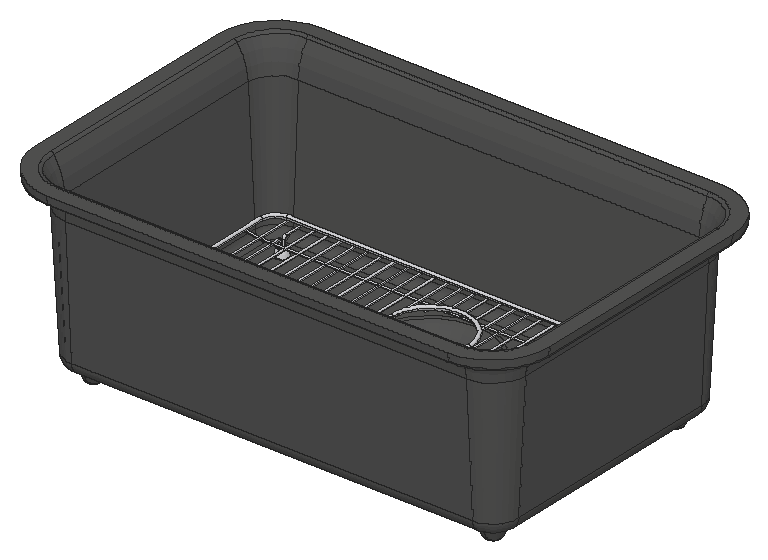
Revit family "Sink-Kitchen-KOHLER-Cairn-K-28000", category Plumbing Fixtures, host Face, Revit 2015 (continued)
Definition of nested family "K-28000"
  Lines and regions (in)
    symbolic lines, detail levels medium+fine
      curve 224: line (-2.19774, -2.07442, 0) -> (-2.80727, -2.07442, 0)
      curve 225: line (-2.19774, -2.17598, 0) -> (-2.80727, -2.17598, 0)
      curve 226: line (-1.48274, -2.07442, 0) -> (-2.09227, -2.07442, 0)
      curve 227: line (-1.48274, -2.17598, 0) -> (-2.09227, -2.17598, 0)
      curve 228: line (-0.69423, -2.07442, 0) -> (-1.37727, -2.07442, 0)
      curve 229: line (1.37727, -2.17598, 0) -> (0.22423, -2.17598, 0)
      curve 230: line (10.77774, -7.69649, 0) -> (11.4526, -7.69649, 0)
      curve 231: line (10.77774, -7.79805, 0) -> (11.4526, -7.79805, 0)
      curve 232: line (10.06273, -7.69649, 0) -> (10.67227, -7.69649, 0)
      curve 233: line (10.06273, -7.79805, 0) -> (10.67227, -7.79805, 0)
      curve 234: line (9.34774, -7.69649, 0) -> (9.95727, -7.69649, 0)
      curve 235: line (9.34774, -7.79805, 0) -> (9.95727, -7.79805, 0)
      curve 236: line (8.63274, -7.69649, 0) -> (9.24227, -7.69649, 0)
      curve 237: line (8.63274, -7.79805, 0) -> (9.24227, -7.79805, 0)
      curve 238: line (7.91774, -7.69649, 0) -> (8.52727, -7.69649, 0)
      curve 239: line (7.91774, -7.79805, 0) -> (8.52727, -7.79805, 0)
      curve 240: line (7.20274, -7.69649, 0) -> (7.81227, -7.69649, 0)
      curve 241: line (7.20274, -7.79805, 0) -> (7.81227, -7.79805, 0)
      curve 242: line (6.48774, -7.69649, 0) -> (7.09727, -7.69649, 0)
      curve 243: line (6.48774, -7.79805, 0) -> (7.09727, -7.79805, 0)
      curve 244: line (5.77274, -7.69649, 0) -> (6.38227, -7.69649, 0)
      curve 245: line (5.77274, -7.79805, 0) -> (6.38227, -7.79805, 0)
      curve 246: line (5.05774, -7.69649, 0) -> (5.66727, -7.69649, 0)
      curve 247: line (5.05774, -7.79805, 0) -> (5.66727, -7.79805, 0)
      curve 248: line (4.34274, -7.69649, 0) -> (4.95227, -7.69649, 0)
      curve 249: line (4.34274, -7.79805, 0) -> (4.95227, -7.79805, 0)
      curve 250: line (3.62773, -7.69649, 0) -> (4.23727, -7.69649, 0)
      curve 251: line (3.62773, -7.79805, 0) -> (4.23727, -7.79805, 0)
      curve 252: line (2.91274, -7.69649, 0) -> (3.52226, -7.69649, 0)
      curve 253: line (2.91274, -7.79805, 0) -> (3.52226, -7.79805, 0)
      curve 254: line (2.19774, -7.69649, 0) -> (2.80727, -7.69649, 0)
      curve 255: line (2.19774, -7.79805, 0) -> (2.80727, -7.79805, 0)
      curve 256: line (1.48274, -7.69649, 0) -> (2.09227, -7.69649, 0)
      curve 257: line (1.48274, -7.79805, 0) -> (2.09227, -7.79805, 0)
      curve 258: line (0.76774, -7.69649, 0) -> (1.37727, -7.69649, 0)
      curve 259: line (0.76774, -7.79805, 0) -> (1.37727, -7.79805, 0)
      curve 260: line (-0.66227, -7.69649, 0) -> (-0.05273, -7.69649, 0)
      curve 261: line (0.05273, -7.69649, 0) -> (0.66227, -7.69649, 0)
      curve 262: line (-10.77774, -7.69649, 0) -> (-11.4526, -7.69649, 0)
      curve 263: line (-10.77774, -7.79805, 0) -> (-11.4526, -7.79805, 0)
      curve 264: line (-10.06273, -7.69649, 0) -> (-10.67227, -7.69649, 0)
      curve 265: line (-10.06273, -7.79805, 0) -> (-10.67227, -7.79805, 0)
      curve 266: line (-9.34774, -7.69649, 0) -> (-9.95727, -7.69649, 0)
      curve 267: line (-9.34774, -7.79805, 0) -> (-9.95727, -7.79805, 0)
      curve 268: line (-8.63274, -7.69649, 0) -> (-9.24227, -7.69649, 0)
      curve 269: line (-8.63274, -7.79805, 0) -> (-9.24227, -7.79805, 0)
      curve 270: line (-7.91774, -7.69649, 0) -> (-8.52727, -7.69649, 0)
      curve 271: line (-7.91774, -7.79805, 0) -> (-8.52727, -7.79805, 0)
      curve 272: line (-7.20274, -7.69649, 0) -> (-7.81227, -7.69649, 0)
      curve 273: line (-7.20274, -7.79805, 0) -> (-7.81227, -7.79805, 0)
      curve 274: line (-6.48774, -7.69649, 0) -> (-7.09727, -7.69649, 0)
      curve 275: line (-6.48774, -7.79805, 0) -> (-7.09727, -7.79805, 0)
      curve 276: line (-5.77274, -7.69649, 0) -> (-6.38227, -7.69649, 0)
      curve 277: line (-5.77274, -7.79805, 0) -> (-6.38227, -7.79805, 0)
      curve 278: line (-5.05774, -7.69649, 0) -> (-5.66727, -7.69649, 0)
      curve 279: line (-5.05774, -7.79805, 0) -> (-5.66727, -7.79805, 0)
      curve 280: line (-4.34274, -7.69649, 0) -> (-4.95227, -7.69649, 0)
      curve 281: line (-4.34274, -7.79805, 0) -> (-4.95227, -7.79805, 0)
      curve 282: line (-3.62773, -7.69649, 0) -> (-4.23727, -7.69649, 0)
      curve 283: line (-3.62773, -7.79805, 0) -> (-4.23727, -7.79805, 0)
      curve 284: line (-2.91274, -7.69649, 0) -> (-3.52226, -7.69649, 0)
      curve 285: line (-2.91274, -7.79805, 0) -> (-3.52226, -7.79805, 0)
      curve 286: line (-2.19774, -7.69649, 0) -> (-2.80727, -7.69649, 0)
      curve 287: line (-2.19774, -7.79805, 0) -> (-2.80727, -7.79805, 0)
      curve 288: line (-1.48274, -7.69649, 0) -> (-2.09227, -7.69649, 0)
      curve 289: line (-1.48274, -7.79805, 0) -> (-2.09227, -7.79805, 0)
      curve 290: line (-0.76774, -7.69649, 0) -> (-1.37727, -7.69649, 0)
      curve 291: line (0.66227, -7.79805, 0) -> (0.05273, -7.79805, 0)
      curve 292: line (-0.22423, -2.17598, 0) -> (-1.37727, -2.17598, 0)
      curve 293: line (-0.05273, -7.79805, 0) -> (-0.66227, -7.79805, 0)
      curve 294: line (-0.76774, -7.79805, 0) -> (-1.37727, -7.79805, 0)
      curve 295: arc (-0.3779, 1.2269, 0) -> (-0.30611, 1.34116, 0) -> (-0.19185, 1.26937, 0) r 0.09542
      curve 296: arc (-0.19185, 1.26937, 0) -> (-0.26364, 1.1551, 0) -> (-0.3779, 1.2269, 0) r 0.09542
      curve 297: arc (-0.64144, 1.11205, 0) -> (-0.59687, 1.23942, 0) -> (-0.46949, 1.19485, 0) r 0.09542
      curve 298: arc (-0.46949, 1.19485, 0) -> (-0.51406, 1.06748, 0) -> (-0.64144, 1.11205, 0) r 0.09542
      curve 299: circle (-0.7982, 1.00093, 0) r 0.09542 normal (0, 0, -1)
      curve 300: arc (-1.06041, 0.72362, 0) -> (-1.07552, 0.85772, 0) -> (-0.94142, 0.87282, 0) r 0.09542
      curve 301: arc (-0.94142, 0.87282, 0) -> (-0.92631, 0.73873, 0) -> (-1.06041, 0.72362, 0) r 0.09542
      curve 302: arc (-1.19484, 0.46951, 0) -> (-1.23941, 0.59689, 0) -> (-1.11204, 0.64146, 0) r 0.09542
      curve 303: arc (-1.11204, 0.64146, 0) -> (-1.06747, 0.51408, 0) -> (-1.19484, 0.46951, 0) r 0.09542
      curve 304: arc (-1.26936, 0.19187, 0) -> (-1.34116, 0.30613, 0) -> (-1.22689, 0.37792, 0) r 0.09542
      curve 305: arc (-1.22689, 0.37792, 0) -> (-1.1551, 0.26366, 0) -> (-1.26936, 0.19187, 0) r 0.09542
      curve 306: arc (-0.93617, 0.20385, 0) -> (-0.99744, 0.32409, 0) -> (-0.8772, 0.38535, 0) r 0.09542
      curve 307: arc (-0.8772, 0.38535, 0) -> (-0.81594, 0.26511, 0) -> (-0.93617, 0.20385, 0) r 0.09542
      curve 308: circle (-0.77127, 0.56036, 0) r 0.09542 normal (0, 0, -1)
      curve 309: arc (-0.48317, 0.82736, 0) -> (-0.50428, 0.69408, 0) -> (-0.63756, 0.71519, 0) r 0.09542
      curve 310: arc (-0.63756, 0.71519, 0) -> (-0.61645, 0.84847, 0) -> (-0.48317, 0.82736, 0) r 0.09542
      curve 311: arc (-0.20385, 0.93617, 0) -> (-0.26511, 0.81594, 0) -> (-0.38535, 0.8772, 0) r 0.09542
      curve 312: arc (-0.38535, 0.8772, 0) -> (-0.32409, 0.99744, 0) -> (-0.20385, 0.93617, 0) r 0.09542
      curve 313: arc (-0.39505, 0.49341, 0) -> (-0.36013, 0.62376, 0) -> (-0.22978, 0.58883, 0) r 0.09542
      curve 314: arc (-0.22978, 0.58883, 0) -> (-0.26471, 0.45848, 0) -> (-0.39505, 0.49341, 0) r 0.09542
      curve 315: arc (-0.49341, 0.39505, 0) -> (-0.45848, 0.26471, 0) -> (-0.58883, 0.22978, 0) r 0.09542
      curve 316: arc (-0.49341, 0.39505, 0) -> (-0.62376, 0.36013, 0) -> (-0.58883, 0.22978, 0) r 0.09542
      curve 317: arc (-1.28023, 0.09542, 0) -> (-1.37565, 0, 0) -> (-1.28023, -0.09542, 0) r 0.09542
      curve 318: arc (-1.28023, -0.09542, 0) -> (-1.18481, 0, 0) -> (-1.28023, 0.09542, 0) r 0.09542
      curve 319: arc (-0.95335, 0.09542, 0) -> (-1.04877, 0, 0) -> (-0.95335, -0.09542, 0) r 0.09542
      curve 320: arc (-0.95335, -0.09542, 0) -> (-0.85793, 0, 0) -> (-0.95335, 0.09542, 0) r 0.09542
      curve 321: circle (-0.62483, 0, 0) r 0.09542 normal (0, 0, 1)
      curve 322: arc (0.3779, 1.2269, 0) -> (0.30611, 1.34116, 0) -> (0.19185, 1.26937, 0) r 0.09542
      curve 323: arc (0.19185, 1.26937, 0) -> (0.26364, 1.1551, 0) -> (0.3779, 1.2269, 0) r 0.09542
      curve 324: arc (0.64144, 1.11205, 0) -> (0.59687, 1.23942, 0) -> (0.46949, 1.19485, 0) r 0.09542
      curve 325: arc (0.46949, 1.19485, 0) -> (0.51406, 1.06748, 0) -> (0.64144, 1.11205, 0) r 0.09542
      curve 326: circle (0.7982, 1.00093, 0) r 0.09542 normal (0, 0, 1)
      curve 327: arc (1.06041, 0.72362, 0) -> (1.07552, 0.85772, 0) -> (0.94142, 0.87282, 0) r 0.09542
      curve 328: arc (0.94142, 0.87282, 0) -> (0.92631, 0.73873, 0) -> (1.06041, 0.72362, 0) r 0.09542
      curve 329: arc (1.19484, 0.46951, 0) -> (1.23941, 0.59689, 0) -> (1.11204, 0.64146, 0) r 0.09542
      curve 330: arc (1.11204, 0.64146, 0) -> (1.06747, 0.51408, 0) -> (1.19484, 0.46951, 0) r 0.09542
      curve 331: circle (1.24813, 0.2849, 0) r 0.09542 normal (0, 0, 1)
      curve 332: arc (0.93617, 0.20385, 0) -> (0.99744, 0.32409, 0) -> (0.8772, 0.38535, 0) r 0.09542
      curve 333: arc (0.8772, 0.38535, 0) -> (0.81594, 0.26511, 0) -> (0.93617, 0.20385, 0) r 0.09542
      curve 334: circle (0.77127, 0.56036, 0) r 0.09542 normal (0, 0, 1)
      curve 335: arc (0.48317, 0.82736, 0) -> (0.50428, 0.69408, 0) -> (0.63756, 0.71519, 0) r 0.09542
      curve 336: arc (0.63756, 0.71519, 0) -> (0.61645, 0.84847, 0) -> (0.48317, 0.82736, 0) r 0.09542
      curve 337: arc (0.20385, 0.93617, 0) -> (0.26511, 0.81594, 0) -> (0.38535, 0.8772, 0) r 0.09542
      curve 338: arc (0.38535, 0.8772, 0) -> (0.32409, 0.99744, 0) -> (0.20385, 0.93617, 0) r 0.09542
      curve 339: arc (0.39505, 0.49341, 0) -> (0.36013, 0.62376, 0) -> (0.22978, 0.58883, 0) r 0.09542
      curve 340: arc (0.22978, 0.58883, 0) -> (0.26471, 0.45848, 0) -> (0.39505, 0.49341, 0) r 0.09542
      curve 341: arc (0.49341, 0.39505, 0) -> (0.45848, 0.26471, 0) -> (0.58883, 0.22978, 0) r 0.09542
      curve 342: arc (0.49341, 0.39505, 0) -> (0.62376, 0.36013, 0) -> (0.58883, 0.22978, 0) r 0.09542
      curve 343: arc (1.28023, 0.09542, 0) -> (1.37565, 0, 0) -> (1.28023, -0.09542, 0) r 0.09542
      curve 344: arc (1.28023, -0.09542, 0) -> (1.18481, 0, 0) -> (1.28023, 0.09542, 0) r 0.09542
      curve 345: arc (0.95335, 0.09542, 0) -> (1.04877, 0, 0) -> (0.95335, -0.09542, 0) r 0.09542
      curve 346: arc (0.95335, -0.09542, 0) -> (0.85793, 0, 0) -> (0.95335, 0.09542, 0) r 0.09542
      curve 347: circle (0.62483, 0, 0) r 0.09542 normal (0, 0, -1)
      curve 348: arc (-0.3779, -1.2269, 0) -> (-0.30611, -1.34116, 0) -> (-0.19185, -1.26937, 0) r 0.09542
      curve 349: arc (-0.19185, -1.26937, 0) -> (-0.26364, -1.1551, 0) -> (-0.3779, -1.2269, 0) r 0.09542
      curve 350: arc (-0.64144, -1.11205, 0) -> (-0.59687, -1.23942, 0) -> (-0.46949, -1.19485, 0) r 0.09542
      curve 351: arc (-0.46949, -1.19485, 0) -> (-0.51406, -1.06748, 0) -> (-0.64144, -1.11205, 0) r 0.09542
      curve 352: circle (-0.7982, -1.00093, 0) r 0.09542 normal (0, 0, 1)
      curve 353: arc (-1.06041, -0.72362, 0) -> (-1.07552, -0.85772, 0) -> (-0.94142, -0.87282, 0) r 0.09542
      curve 354: arc (-0.94142, -0.87282, 0) -> (-0.92631, -0.73873, 0) -> (-1.06041, -0.72362, 0) r 0.09542
      curve 355: arc (-1.19484, -0.46951, 0) -> (-1.23941, -0.59689, 0) -> (-1.11204, -0.64146, 0) r 0.09542
      curve 356: arc (-1.11204, -0.64146, 0) -> (-1.06747, -0.51408, 0) -> (-1.19484, -0.46951, 0) r 0.09542
      curve 357: arc (-1.26936, -0.19187, 0) -> (-1.34116, -0.30613, 0) -> (-1.22689, -0.37792, 0) r 0.09542
      curve 358: arc (-1.22689, -0.37792, 0) -> (-1.1551, -0.26366, 0) -> (-1.26936, -0.19187, 0) r 0.09542
      curve 359: arc (-0.93617, -0.20385, 0) -> (-0.99744, -0.32409, 0) -> (-0.8772, -0.38535, 0) r 0.09542
      curve 360: arc (-0.8772, -0.38535, 0) -> (-0.81594, -0.26511, 0) -> (-0.93617, -0.20385, 0) r 0.09542
      curve 361: circle (-0.77127, -0.56036, 0) r 0.09542 normal (0, 0, 1)
      curve 362: arc (-0.48317, -0.82736, 0) -> (-0.50428, -0.69408, 0) -> (-0.63756, -0.71519, 0) r 0.09542
      curve 363: arc (-0.63756, -0.71519, 0) -> (-0.61645, -0.84847, 0) -> (-0.48317, -0.82736, 0) r 0.09542
      curve 364: arc (-0.20385, -0.93617, 0) -> (-0.26511, -0.81594, 0) -> (-0.38535, -0.8772, 0) r 0.09542
      curve 365: arc (-0.38535, -0.8772, 0) -> (-0.32409, -0.99744, 0) -> (-0.20385, -0.93617, 0) r 0.09542
      curve 366: arc (-0.39505, -0.49341, 0) -> (-0.36013, -0.62376, 0) -> (-0.22978, -0.58883, 0) r 0.09542
      curve 367: arc (-0.22978, -0.58883, 0) -> (-0.26471, -0.45848, 0) -> (-0.39505, -0.49341, 0) r 0.09542
      curve 368: arc (-0.49341, -0.39505, 0) -> (-0.45848, -0.26471, 0) -> (-0.58883, -0.22978, 0) r 0.09542
      curve 369: arc (-0.49341, -0.39505, 0) -> (-0.62376, -0.36013, 0) -> (-0.58883, -0.22978, 0) r 0.09542
      curve 370: arc (0.3779, -1.2269, 0) -> (0.30611, -1.34116, 0) -> (0.19185, -1.26937, 0) r 0.09542
      curve 371: arc (0.19185, -1.26937, 0) -> (0.26364, -1.1551, 0) -> (0.3779, -1.2269, 0) r 0.09542
      curve 372: arc (0.64144, -1.11205, 0) -> (0.59687, -1.23942, 0) -> (0.46949, -1.19485, 0) r 0.09542
      curve 373: arc (0.46949, -1.19485, 0) -> (0.51406, -1.06748, 0) -> (0.64144, -1.11205, 0) r 0.09542
      curve 374: circle (0.7982, -1.00093, 0) r 0.09542 normal (0, 0, -1)
      curve 375: arc (1.06041, -0.72362, 0) -> (1.07552, -0.85772, 0) -> (0.94142, -0.87282, 0) r 0.09542
      curve 376: arc (0.94142, -0.87282, 0) -> (0.92631, -0.73873, 0) -> (1.06041, -0.72362, 0) r 0.09542
      curve 377: arc (1.19484, -0.46951, 0) -> (1.23941, -0.59689, 0) -> (1.11204, -0.64146, 0) r 0.09542
      curve 378: arc (1.11204, -0.64146, 0) -> (1.06747, -0.51408, 0) -> (1.19484, -0.46951, 0) r 0.09542
      curve 379: arc (0.93617, -0.20385, 0) -> (0.99744, -0.32409, 0) -> (0.8772, -0.38535, 0) r 0.09542
      curve 380: arc (0.8772, -0.38535, 0) -> (0.81594, -0.26511, 0) -> (0.93617, -0.20385, 0) r 0.09542
      curve 381: circle (0.77127, -0.56036, 0) r 0.09542 normal (0, 0, -1)
      curve 382: arc (0.48317, -0.82736, 0) -> (0.50428, -0.69408, 0) -> (0.63756, -0.71519, 0) r 0.09542
      curve 383: arc (0.63756, -0.71519, 0) -> (0.61645, -0.84847, 0) -> (0.48317, -0.82736, 0) r 0.09542
      curve 384: arc (0.20385, -0.93617, 0) -> (0.26511, -0.81594, 0) -> (0.38535, -0.8772, 0) r 0.09542
      curve 385: arc (0.38535, -0.8772, 0) -> (0.32409, -0.99744, 0) -> (0.20385, -0.93617, 0) r 0.09542
      curve 386: arc (0.39505, -0.49341, 0) -> (0.36013, -0.62376, 0) -> (0.22978, -0.58883, 0) r 0.09542
      curve 387: arc (0.22978, -0.58883, 0) -> (0.26471, -0.45848, 0) -> (0.39505, -0.49341, 0) r 0.09542
      curve 388: arc (0.49341, -0.39505, 0) -> (0.45848, -0.26471, 0) -> (0.58883, -0.22978, 0) r 0.09542
      curve 389: arc (0.49341, -0.39505, 0) -> (0.62376, -0.36013, 0) -> (0.58883, -0.22978, 0) r 0.09542
      curve 390: arc (0, 1.18481, 0) -> (-0.09414, 1.29583, 0) -> (0.03078, 1.37055, 0) r 0.09542
      curve 391: arc (0.03078, 1.37055, 0) -> (0.09414, 1.26463, 0) -> (0, 1.18481, 0) r 0.09542
      curve 392: arc (-0.03462, 1.04227, 0) -> (0.0954, 0.95539, 0) -> (-0.03078, 0.86303, 0) r 0.09542
      curve 393: arc (-0.03078, 0.86303, 0) -> (-0.0954, 0.9513, 0) -> (-0.03462, 1.04227, 0) r 0.09542
      curve 394: arc (0, 0.52941, 0) -> (-0.09542, 0.62483, 0) -> (0, 0.72025, 0) r 0.09542
      curve 395: arc (0, 0.72025, 0) -> (0.09542, 0.62483, 0) -> (0, 0.52941, 0) r 0.09542
      curve 396: arc (0.04513, -1.19616, 0) -> (0.04051, -1.19384, 0) -> (0.03577, -1.19177, 0) r 0.09542
      curve 397: arc (0.03577, -1.19177, 0) -> (-0.04051, -1.36663, 0) -> (0.04513, -1.19616, 0) r 0.09542
      curve 398: arc (0.02973, -1.04402, 0) -> (0.09438, -0.93931, 0) -> (0.00205, -0.85795, 0) r 0.09542
      curve 399: arc (0.00205, -0.85795, 0) -> (-0.09438, -0.96738, 0) -> (0.02973, -1.04402, 0) r 0.09542
      curve 400: arc (-0.02327, -0.53229, 0) -> (-0.0947, -0.63656, 0) -> (0, -0.72025, 0) r 0.09542
      curve 401: arc (0, -0.72025, 0) -> (0.0947, -0.61311, 0) -> (-0.02327, -0.53229, 0) r 0.09542
      curve 402: arc (0.01991, 0.31015, 0) -> (-0.30857, 0.03707, 0) -> (-0.05412, -0.30604, 0) r 0.31078
      curve 403: arc (-0.05412, -0.30604, 0) -> (0.30857, -0.03707, 0) -> (0.01991, 0.31015, 0) r 0.31078
      curve 404: arc (-10.06273, 2.96062, 0) -> (-10.34427, 2.63053, 0) -> (-10.06273, 2.30045, 0) r 0.33427
      curve 405: arc (10.06273, 2.96062, 0) -> (10.34427, 2.63053, 0) -> (10.06273, 2.30045, 0) r 0.33427
      curve 406: arc (-10.06273, -8.30249, 0) -> (-10.34427, -8.63257, 0) -> (-10.06273, -8.96265, 0) r 0.33427
      curve 407: arc (10.06273, -8.30249, 0) -> (10.34427, -8.63257, 0) -> (10.06273, -8.96265, 0) r 0.33427
      curve 408: arc (-0.05273, 2.27441, 0) -> (-0.36084, 2.24622, 0) -> (-0.66227, 2.17649, 0) r 2.27502
      curve 409: arc (-0.93496, 2.07402, 0) -> (-1.16359, 1.95494, 0) -> (-1.37727, 1.81076, 0) r 2.27502
      curve 410: arc (-1.48274, 1.72546, 0) -> (-1.83528, 1.34442, 0) -> (-2.09227, 0.89338, 0) r 2.27502
      curve 411: arc (-2.19774, 0.58794, 0) -> (-2.27502, 0, 0) -> (-2.19774, -0.58794, 0) r 2.27502
      curve 412: arc (-2.09227, -0.89338, 0) -> (-1.83528, -1.34442, 0) -> (-1.48274, -1.72546, 0) r 2.27502
      curve 413: arc (-1.37727, -1.81076, 0) -> (-1.16317, -1.95518, 0) -> (-0.93409, -2.07442, 0) r 2.27502
      curve 414: arc (-0.66396, -2.17598, 0) -> (-0.36171, -2.24608, 0) -> (-0.05273, -2.27441, 0) r 2.27502
      curve 415: arc (0.05273, 2.27441, 0) -> (0.36084, 2.24622, 0) -> (0.66227, 2.17649, 0) r 2.27502
      curve 416: arc (0.93496, 2.07402, 0) -> (1.16359, 1.95494, 0) -> (1.37727, 1.81076, 0) r 2.27502
      curve 417: arc (1.48274, 1.72546, 0) -> (1.83528, 1.34442, 0) -> (2.09227, 0.89338, 0) r 2.27502
      curve 418: arc (2.19774, 0.58794, 0) -> (2.27502, 0, 0) -> (2.19774, -0.58794, 0) r 2.27502
      curve 419: arc (2.09227, -0.89338, 0) -> (1.83528, -1.34442, 0) -> (1.48274, -1.72546, 0) r 2.27502
      curve 420: arc (1.37727, -1.81076, 0) -> (1.16317, -1.95518, 0) -> (0.93409, -2.07442, 0) r 2.27502
      curve 421: arc (0.66227, -2.17649, 0) -> (0.36084, -2.24622, 0) -> (0.05273, -2.27441, 0) r 2.27502
      curve 422: line (-13.0265, 0, -0.5) -> (13.0265, 0, -0.5)
      curve 423: arc (-11.46334, 0, -9.49237) -> (-11.41011, 0, -9.49809) -> (-11.35661, 0, -9.5) r 0.75
      curve 424: arc (11.46334, 0, -9.49237) -> (11.41011, 0, -9.49809) -> (11.35661, 0, -9.5) r 0.75
      curve 425: line (-3.57141, 0, -9.5) -> (3.57141, 0, -9.5)
      curve 426: line (-1.683, 0, -10.1875) -> (1.683, 0, -10.1875)
      curve 427: line (-1.683, 0, -10.26796) -> (1.683, 0, -10.26796)
      curve 428: line (0, 5.4015, -0.5) -> (0, -11.464, -0.5)
      curve 429: line (0, -3.57124, -9.5) -> (0, 2.33279, -9.5)
      curve 430: line (0, 1.683, -10.1875) -> (0, -1.683, -10.1875)
      curve 431: line (0, 1.683, -10.26796) -> (0, -1.683, -10.26796)
      curve 432: line (0, 2.58824, -9.94703) -> (0, 2.43872, -9.62637)
      curve 433: arc (0, 2.43872, -9.62637) -> (0, 2.39406, -9.55622) -> (0, 2.33279, -9.5) r 0.31913
      curve 434: arc (0, 3.75202, -9.5) -> (0, 3.8108, -9.49588) -> (0, 3.86909, -9.48729) r 0.77322
      curve 435: arc (0, -9.87672, -9.49544) -> (0, -9.84325, -9.49843) -> (0, -9.80968, -9.5) r 0.79259
      curve 436: line (10.73047, 5.3125, 0) -> (-10.72895, 5.3125, 0)
      curve 437: arc (-10.72895, 5.3125, 0) -> (-12.29063, 4.66563, 0) -> (-12.9375, 3.10395, 0) r 2.20855
      curve 438: line (-12.9375, 3.10395, 0) -> (-12.9375, -9.16797, 0)
      curve 439: arc (-12.9375, -9.16797, 0) -> (-12.29108, -10.72858, 0) -> (-10.73047, -11.375, 0) r 2.20703
      curve 440: line (-10.73047, -11.375, 0) -> (10.73047, -11.375, 0)
      curve 441: arc (10.73047, -11.375, 0) -> (12.29108, -10.72858, 0) -> (12.9375, -9.16797, 0) r 2.20703
      curve 442: line (12.9375, -9.16797, 0) -> (12.9375, 3.10547, 0)
      curve 443: arc (12.9375, 3.10547, 0) -> (12.29108, 4.66608, 0) -> (10.73047, 5.3125, 0) r 2.20703
      curve 444: arc (1.26936, -0.19187, 0) -> (1.34116, -0.30613, 0) -> (1.22689, -0.37792, 0) r 0.09542
      curve 445: arc (1.22689, -0.37792, 0) -> (1.1551, -0.26366, 0) -> (1.26936, -0.19187, 0) r 0.09542
      curve 446: arc (-9.95727, 2.30045, 0) -> (-9.67573, 2.63053, 0) -> (-9.95727, 2.96062, 0) r 0.33427
      curve 447: arc (-9.95727, -8.96265, 0) -> (-9.67573, -8.63257, 0) -> (-9.95727, -8.30249, 0) r 0.33427
      curve 448: arc (9.95727, -8.96265, 0) -> (9.67573, -8.63257, 0) -> (9.95727, -8.30249, 0) r 0.33427
      curve 449: arc (9.95727, 2.30045, 0) -> (9.67573, 2.63053, 0) -> (9.95727, 2.96062, 0) r 0.33427
      curve 450: line (-1.683, 0, -10.89796) -> (1.683, 0, -10.89796)
      curve 451: line (-0.9355, 0, -12.05896) -> (0.9355, 0, -12.05896)
      curve 452: line (0, 1.683, -10.89796) -> (0, -1.683, -10.89796)
      curve 453: line (0, 0.9355, -12.05896) -> (0, -0.9355, -12.05896)
  Dimensions and locks (in)
    aligned and locked: level to plane 2
Types (7): name | Type | Model | Finish
  (no name) | 1 | "K-28000-CM1" | Kohler-Neoroc-CM1-Matte_Black
  CM1-Neoroc Matte Black | 1 | "K-28000-CM1" | Kohler-Neoroc-CM1-Matte_Black
  CM2-Neoroc Matte Brown | 2 | "K-28000-CM2" | Kohler-Neoroc-CM2-Matte_Brown
  CM3-Matte Toupe | 3 | "K-28000-CM3" | Kohler-Neoroc-CM3-Matte_Taupe
  CM4-Matte Grey | 4 | "K-28000-CM4" | Kohler-Neoroc-CM4-Matte_Grey
  CM6-Matte White | 5 | "K-28000-CM6" | Kohler-Neoroc-CM6-Matte_White
  CM7-Matte Graphite | 6 | "K-28000-CM7" | Kohler-Neoroc-CM7-Matte_Graphite
